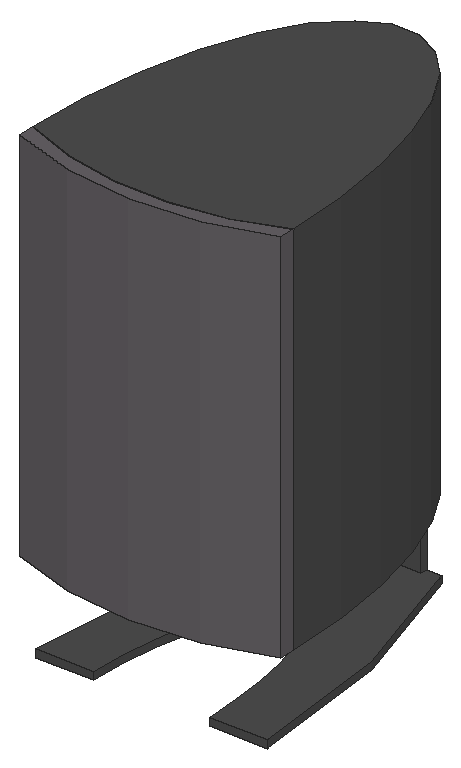
Revit family
Parameters
  Cover = Fabric, Black
  Body = Plastic, Black
  Base = Metal, Black
Reference planes (in)
  plane 1 "Center F/B": y = 0
  plane 2: z = 0
  plane 3 "Center L/R": x = 0
  plane 4: z = 1.5
Forms (in)
  Extrusion 1, solid, material "Metal, Black" <- "Base"
    sketch origin (0, 0, 0) x (1, 0, 0) y (0, 1, 0)
      loop
        line (-2, -5) -> (-1, -5)
        spline (-1, -5) -> (-0.96593, -4.22354) -> (-0.86603, -3.5) -> (-0.70711, -2.87868) -> (-0.5, -2.40192) -> (-0.25882, -2.10222) -> (0, -2) -> (0.25882, -2.10222) -> (0.5, -2.40192) -> (0.70711, -2.87868) -> (0.86603, -3.5) -> (0.96593, -4.22354) -> (1, -5)
        line (1, -5) -> (2, -5)
        arc (2, -5) -> (1.75633, -2.44873) -> (1, 0) r 12.56341
        line (1, 0) -> (-1, 0)
        arc (-1, 0) -> (-1.75633, -2.44873) -> (-2, -5) r 12.56341
    from 0 to 0.125
  Extrusion 2, solid, material "Plastic, Black" <- "Body"
    sketch origin (-60.54339, -179.75, 1.5) x (-1, 0, 0) y (0, -1, 0)
      loop
        arc (-58.29339, -175) -> (-60.54339, -174.5) -> (-62.79339, -175) r 5.3125
        spline (-62.79339, -175) -> (-62.71673, -176.3588) -> (-62.49195, -177.625) -> (-62.13438, -178.71231) -> (-61.66839, -179.54663) -> (-61.12574, -180.07111) -> (-60.54339, -180.25) -> (-59.96105, -180.07111) -> (-59.41839, -179.54663) -> (-58.9524, -178.71231) -> (-58.59484, -177.625) -> (-58.37006, -176.3588) -> (-58.29339, -175)
    from 0 to 6.5
  Extrusion 3, solid, material "Fabric, Black" <- "Cover"
    sketch origin (-60.54339, -179.75, 1.5) x (-1, 0, 0) y (0, -1, 0)
      loop
        line (-58.29339, -175) -> (-58.29339, -174.72537)
        arc (-58.29339, -174.72537) -> (-60.54339, -174.25) -> (-62.79339, -174.72537) r 5.5625
        line (-62.79339, -174.72537) -> (-62.79339, -175)
        arc (-62.79339, -175) -> (-60.54339, -174.5) -> (-58.29339, -175) r 5.3125
    from 0 to 6.5
  Extrusion 4, solid, material "Metal, Black" <- "Base"
    sketch origin (0, 0, 0) x (1, 0, 0) y (0, 1, 0)
      loop
        line (-0.75, 0) -> (-0.75, -0.125) -> (0.75, -0.125) -> (0.75, 0) -> (-0.75, 0)
    from 0 to 1.5
Cuts and joins
  joined: Extrusion 1, Extrusion 4
